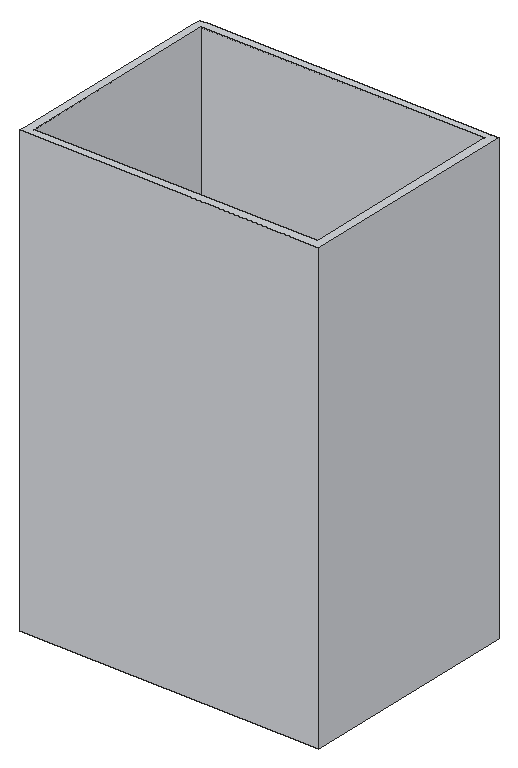
Revit family "Arent Room_ver4", category Generic Models, Revit 2021
Family settings
  Can host rebar = No
  Round Connector Dimension = Use Diameter
  Part Type = Normal
  Work Plane-Based = No
  Always vertical = Yes
  Cut with Voids When Loaded = No
  Shared = No
  Room Calculation Point = No
Parameters
  Width [instance] = 1500 mm
  Thickness [instance] = 50 mm
  Right Door Width [instance] = 1 mm
  Right Door Distance [instance] = 0 mm
  Lenght [instance] = 2000 mm
  Left Door Width [instance] = 1 mm
  Left Door Distance [instance] = 0 mm
  Height [instance] = 3000 mm
  Front Door Width [instance] = 1 mm
  Front Door Distance [instance] = 0 mm
  Default Elevation = 0 mm
  Back Door Width [instance] = 1 mm
  Back Door Distance [instance] = 0 mm
Reference planes
  plane 1 "Center (Front/Back)": y = 0
  plane 2: z = 0
  plane 3 "Center (Left/Right)": x = 0
  plane 4: y = 0
  plane 5: y = -1500
  plane 6: x = 0
  plane 7: x = 2000
  plane 8: z = 3000
  plane 9: y = -50
  plane 10: y = -1450
  plane 11: x = 50
  plane 12: x = 1950
  plane 13: y = 0
  plane 14: y = -1
  plane 15: y = 0
  plane 16: y = -1
  plane 17: x = 0
  plane 18: x = 1
  plane 19: x = 0
  plane 20: x = 1
Forms (mm)
  Extrusion 1, solid
    sketch origin (0, 0, 0) x (1, 0, 0) y (0, 1, 0)
      loop
        line (0, 0) -> (0, -1500) -> (2000, -1500) -> (2000, 0) -> (0, 0)
    from 0 to 3000
  Extrusion 2, void
    sketch origin (0, 0, 0) x (1, 0, 0) y (0, 1, 0)
      loop
        line (50, -50) -> (50, -1450) -> (1950, -1450) -> (1950, -50) -> (50, -50)
    from 0 to 3000
  Extrusion 3, void
    sketch origin (0, 0, 0) x (1, 0, 0) y (0, 1, 0)
      loop
        line (0, 0) -> (0, -1) -> (50, -1) -> (50, 0) -> (0, 0)
    from 0 to 3000
  Extrusion 4, void
    sketch origin (0, 0, 0) x (1, 0, 0) y (0, 1, 0)
      loop
        line (1950, 0) -> (1950, -1) -> (2000, -1) -> (2000, 0) -> (1950, 0)
    from 0 to 3000
  Extrusion 5, void
    sketch origin (0, 0, 0) x (1, 0, 0) y (0, 1, 0)
      loop
        line (0, -1450) -> (0, -1500) -> (1, -1500) -> (1, -1450) -> (0, -1450)
    from 0 to 3000
  Extrusion 6, void
    sketch origin (0, 0, 0) x (1, 0, 0) y (0, 1, 0)
      loop
        line (0, 0) -> (0, -50) -> (1, -50) -> (1, 0) -> (0, 0)
    from 0 to 3000
Cuts and joins
  Extrusion 2, Extrusion 3, Extrusion 4, Extrusion 5, Extrusion 6 cuts Extrusion 1
Dimensions and locks
  "Lenght": plane 6 to plane 7
  "Width": plane 4 to plane 5
  "Height": level to plane 8
  "Thickness": plane 4 to plane 9
  "Thickness": plane 10 to plane 5
  "Thickness": plane 6 to plane 11
  "Thickness": plane 12 to plane 7
  "Left Door Width": plane 13 to plane 14
  "Left Door Distance": plane 13 to plane 1 "Center (Front/Back)"
  "Right Door Width": plane 15 to plane 16
  "Front Door Width": plane 17 to plane 18
  "Front Door Distance": plane 6 to plane 17
  "Back Door Width": plane 19 to plane 20
  "Back Door Distance": plane 6 to plane 19
  "Right Door Distance": plane 4 to plane 15
  aligned and locked: level to plane 2
  aligned and locked: plane 8 to Extrusion 1
  aligned and locked: Extrusion 1 to Extrusion 2
  aligned and locked: Extrusion 1 to Extrusion 3
  aligned and locked: Extrusion 1 to Extrusion 4
  aligned and locked: Extrusion 1 to Extrusion 5
  aligned and locked: Extrusion 1 to Extrusion 6
Automatic sketch dimensions
  Extrusion 1 sketch curve to plane 3 "Center (Left/Right)" = 0 mm
  Extrusion 1 sketch curve to plane 5 = 0 mm
  Extrusion 1 sketch curve to plane 7 = 0 mm
  plane 1 "Center (Front/Back)" to Extrusion 1 sketch curve = 0 mm
  Extrusion 2 sketch curve to plane 10 = 0 mm
  Extrusion 2 sketch curve to plane 11 = 0 mm
  Extrusion 2 sketch curve to plane 12 = 0 mm
  Extrusion 2 sketch curve to plane 9 = 0 mm
  Extrusion 3 sketch curve to plane 3 "Center (Left/Right)" = 0 mm
  Extrusion 3 sketch curve to plane 11 = 0 mm
  Extrusion 3 sketch curve to plane 14 = 0 mm
  Extrusion 3 sketch curve to plane 13 = 0 mm
  Extrusion 4 sketch curve to plane 12 = 0 mm
  Extrusion 4 sketch curve to plane 7 = 0 mm
  Extrusion 4 sketch curve to plane 16 = 0 mm
  Extrusion 4 sketch curve to plane 15 = 0 mm
  Extrusion 5 sketch curve to plane 5 = 0 mm
  Extrusion 5 sketch curve to plane 17 = 0 mm
  Extrusion 5 sketch curve to plane 18 = 0 mm
  Extrusion 5 sketch curve to plane 10 = 0 mm
  Extrusion 6 sketch curve to plane 9 = 0 mm
  Extrusion 6 sketch curve to plane 19 = 0 mm
  Extrusion 6 sketch curve to plane 20 = 0 mm
  plane 1 "Center (Front/Back)" to Extrusion 6 sketch curve = 0 mm
